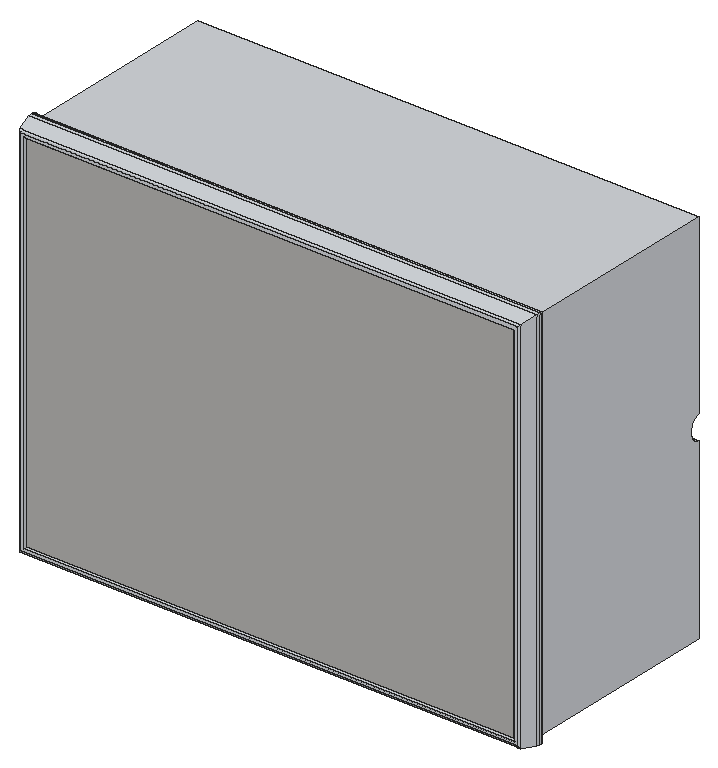
Revit family "BS-678AB-EB", category Communication Devices, Revit 2022
Family settings
  Round Connector Dimension = Use Diameter
  Part Type = Normal
  Work Plane-Based = Yes
  Always vertical = No
  Cut with Voids When Loaded = No
  Maintain Annotation Orientation = No
  Shared = No
  Room Calculation Point = No
Parameters (values of type "BS-678AB-EB")
  Weight [Kg] (for Schedules/Quantities) = 2.3
  Weight = "2.3 kg (5.07 lb)"
  Ver = "1.0"
  Update info = "https://www.sound-toa.com/rfa_form.html"
  Uniformat = ""
  Uniclass = ""
  URL = ""
  Speaker Mounting Method = "Wall-mount"
  Speaker Component = "2x 10 cm (4\") double cone-type"
  Sound Pressure 4k [instance] = no
  Sound Pressure 1K [instance] = no
  Sensitivity EN54-24 Max. Sensitivity EN54-24 = "80 dB (2x 0.5 W, 4 m) (100 Hz - 10 kHz, pink noise)\r\n90 dB (2x 6 W, 4 m) (100 Hz - 10 kHz, pink noise)"
  Sensitivity (SPL) Max. SPL = "92 dB (2x 0.5 W, 1 m) (100 Hz - 10 kHz, pink noise)\r\n102 dB (2x 6 W, 1 m) (100 Hz - 10 kHz, pink noise)"
  Selected Impedance Tap (W) [instance] = 30
  Rated Input = "2 x 6 W (100 V line)"
  Rated Impedance = "100 V line: 1.7 kΩ (6 W), 3.3 kΩ (3 W), 6.7 kΩ (1.5 W)"
  Product Info = ""
  Operating Temperature = "-10 °C to +55 °C (14 °F to 122 °F)"
  OmniClass = ""
  Model = "BS-678AB-EB"
  Masterformat = ""
  Manufacturer = "TOA"
  Frequency Response = "155 Hz - 20 kHz (Peak -20 dB )"
  Finish = "Baffle: HIPS resin, white (RAL 9010 or equivalent color)\r\nCabinet: Particle board with pvc sheet, white (RAL 9010 or equivalent color)\r\nGrille: Surface-treated steel plate net, white (RAL 9010 or equivalent color), paint"
  Environmental Type = "A (indoor applications)"
  Dimension = "190 (W) x 250 (H) x 110 (D) mm (7.48\" x 9.84\" x 4.33\")"
  Desired SPL (dBspl) [instance] = 90
  Default Elevation = 1200 mm
  Coverage Angle = "Horizontal: 225° (500 Hz), 125° (1 kHz), 60° (2 kHz), 35° (4 kHz)\r\nVertical  : 240° (500 Hz), 200° (1 kHz), 125° (2 kHz), 110° (4 kHz)"
  Connection = "2x 3-pins screw steatite terminal"
  Attenuation (dB) [instance] = 0
  Applicable Cable Size = "Outer diameter : Max. Ø10 mm (for exposed wiring)\r\n                Ø6.5 - Ø12.5 mm (for in-wall wiring)\r\nConductor : Solid wire or 7-core wire\r\nNo bridge connection : 0.8 - 10 mm  (AWG18 - AWG7) for solid wire\r\n                      0.8 - 8 mm  (AWG18 - AWG8) for 7-core wire\r\nBridge connection : 0.8 - 2.5 mm  (AWG18 - AWG13) for solid wire\r\n                      0.8 - 1.5 mm  (AWG18 - AWG15) for 7-core wire"
  Accessory = "Speaker mounting screw x2, Baffle fixing screw x2"
Reference planes
  plane 1 "Center (Front/Back)": y = 0
  plane 2: z = 0
  plane 3 "Center (Left/Right)": x = 0
Forms (mm)
  Extrusion 1, solid
    sketch origin (0, -49.75, 0) x (1, 0, 0) y (0, 1, 0)
      loop
        line (-123, 49.75) -> (-123, -49.75) -> (123, -49.75) -> (123, 49.75) -> (-123, 49.75)
    from 2 to 188
  Sweep 2, solid
    path in 3D
      loop
        line (123, -99.5, 2) -> (-123, -99.5, 2) -> (-123, -99.5, 188) -> (123, -99.5, 188) -> (123, -99.5, 2)
    profile origin (123, -99.5, 95) x (1, 0, 0) y (0, 1, 0)
      loop
        line (-2.284, 1) -> (-2.284, -10.5) -> (-0.784, -10.5)
        arc (-0.784, -10.5) -> (-0.215, -10.322) -> (0.152, -9.852) r 1
        line (0.152, -9.852) -> (1.94, -2.224) -> (2, -0.5) -> (1.991, 0.504)
        arc (1.991, 0.504) -> (1.843, 0.855) -> (1.491, 1) r 0.5
        line (1.491, 1) -> (-2.284, 1)
  Extrusion 3, solid, material "White Mesh"
    sketch origin (0, -104.352, 0) x (1, 0, 0) y (0, 0, 1)
      loop
        line (-119.75, 184.75) -> (-119.75, 5.25) -> (119.75, 5.25) -> (119.75, 184.75) -> (-119.75, 184.75)
    from 0 to 5
  Extrusion 4, void
    sketch origin (0, -49.75, 0) x (0, 1, 0) y (0, 0, 1)
      loop
        arc (49.75, 100.916) -> (44.75, 95) -> (49.75, 89.084) r 6
        line (49.75, 89.084) -> (49.75, 100.916)
    from -123 to 123
Cuts and joins
  Extrusion 4 cuts Extrusion 1
Lines and regions (mm)
  sketch lines
    curve 1: line (123, -99.5, 188) -> (123, -99.5, 2)
    curve 2: line (-123, -99.5, 188) -> (123, -99.5, 188)
    curve 3: line (-123, -99.5, 188) -> (-123, -99.5, 2)
    curve 4: line (123, -99.5, 2) -> (-123, -99.5, 2)
Dimensions and locks
  Extrusion 1 to Sweep 2 = 98.5 mm
  locked: Extrusion 3 to Extrusion 3 at 5
  aligned and locked: plane 2 to level
  aligned and locked: cut or joined group of Extrusion 1, Extrusion 4 to cut or joined group of Extrusion 1, Extrusion 4  (x2)
Nested families
  nested 1: "BS-678AB-EB-Radiation-4k" at (0, -109.352, 95.01) x (1, 0, 0) z (0, -1, 0), visible <- "Sound Pressure 4k", J <- "Attenuation (dB)", W <- "Selected Impedance Tap (W)", P <- "Desired SPL (dBspl)", type "BS-678AB-EB-Radiation-4k"
  nested 2: "TOA_Symbol_01" at (0, -75, 0) x (-1, 0, 0) z (0, 0, 1), type "TOA_Symbol_01"
  nested 3: "BS-678AB-EB-Radiation-1k" at (0, -109.352, 95.01) x (1, 0, 0) z (0, -1, 0), W <- "Selected Impedance Tap (W)", J <- "Attenuation (dB)", P <- "Desired SPL (dBspl)", visible <- "Sound Pressure 1K", type "BS-678AB-EB-Radiation-1k"
    with W 30, P 90, J 0
Definition of nested family "BS-678AB-EB-Radiation-4k"
  Parameters (values of type "BS-678AB-EB-Radiation-4k")
    W [instance] = 30
    P [instance] = 90
    J [instance] = 0
    Default Elevation = 0 mm
  Reference planes
    plane 1 "Center (Front/Back)": y = 0
    plane 2: z = 0
    plane 3 "Center (Left/Right)": x = 0
  Forms (mm)
    Extrusion 1, solid
      sketch origin (0, 0, 0) x (1, 0, 0) y (0, 1, 0)
        loop
          line (-1219.2, 1219.2) -> (-1219.2, -1219.2) -> (1219.2, -1219.2) -> (1219.2, 1219.2) -> (-1219.2, 1219.2)
      from 0 to -304.8
  Lines and regions (mm)
    reference lines
      curve 1: line (562.917, 325, 0) -> (-562.917, -325, 0)
      curve 2: line (325, 562.917, 0) -> (-325, -562.917, 0)
      curve 3: line (0, 650, 0) -> (0, -650, 0)
  Dimensions and locks
    angle plane 1 "Center (Front/Back)" to curve 1 = 30.00°
    angle plane 1 "Center (Front/Back)" to curve 2 = 60.00°
    aligned and locked: plane 2 to Extrusion 1
    aligned and locked: level to Extrusion 1
  Nested families
    nested 1: "BS-678AB-EB-TOA_30-4k" at (0, 0, 0) x (0.866, 0.5, 0) z (0, 0, 1), W <- "W", P <- "P", J <- "J", type "BS-678AB-EB-TOA_30-4k"
      with W 30, S70 81 mm, S55 84.5 mm, S40 85.9 mm, S10 88.3 mm, S05 91.4 mm, P 90, J 0, F00S70 1092.85 mm, F00S55 1635.161 mm, F00S40 1921.147 mm, F00S10 2532.565 mm, F00S05 3618.767 mm
    nested 2: "BS-678AB-EB-TOA_00-4k" at (0, 0, 0), W <- "W", P <- "P", J <- "J", type "BS-678AB-EB-TOA_00-4k"
      with W 30, S70 79.7 mm, S55 83.5 mm, S40 86.3 mm, S10 86.6 mm, S05 90.7 mm, S00 93.3 mm, P 90, J 0, F00S70 940.937 mm, F00S55 1457.339 mm, F00S40 2011.688 mm, F00S10 2082.383 mm, F00S05 3338.571 mm, F00S00 4503.608 mm
    nested 3: "BS-678AB-EB-TOA_90-4k" at (0, 0, 0) x (0, 1, 0) z (0, 0, 1), W <- "W", P <- "P", J <- "J", type "BS-678AB-EB-TOA_90-4k"
      with W 30, S70 83.9 mm, S55 87 mm, S40 90 mm, S30 91.1 mm, S20 92 mm, S10 93.2 mm, P 90, J 0, F00S70 1526.021 mm, F00S55 2180.523 mm, F00S40 3080.07 mm, F00S30 3495.913 mm, F00S20 3877.579 mm, F00S10 4452.056 mm
    nested 4: "BS-678AB-EB-TOA_60-4k" at (0, 0, 0) x (0.5, 0.866, 0) z (0, 0, 1), W <- "W", P <- "P", J <- "J", type "BS-678AB-EB-TOA_60-4k"
      with W 30, S70 77.1 mm, S30 84.9 mm, S20 88.3 mm, S10 91.4 mm, S05 92.7 mm, P 90, J 0, F00S70 697.526 mm, F00S30 1712.224 mm, F00S20 2532.565 mm, F00S10 3618.767 mm, F00S05 4203.012 mm
    nested 5: "BS-678AB-EB-TOA_30-4k" at (0, 0, 0) x (-0.866, 0.5, 0) z (0, 0, 1), W <- "W", P <- "P", J <- "J", type "BS-678AB-EB-TOA_30-4k"
      with W 30, S70 81 mm, S55 84.5 mm, S40 85.9 mm, S10 88.3 mm, S05 91.4 mm, P 90, J 0, F00S70 1092.85 mm, F00S55 1635.161 mm, F00S40 1921.147 mm, F00S10 2532.565 mm, F00S05 3618.767 mm
    nested 6: "BS-678AB-EB-TOA_60-4k" at (0, 0, 0) x (-0.5, 0.866, 0) z (0, 0, 1), W <- "W", P <- "P", J <- "J", type "BS-678AB-EB-TOA_60-4k"
      with W 30, S70 77.1 mm, S30 84.9 mm, S20 88.3 mm, S10 91.4 mm, S05 92.7 mm, P 90, J 0, F00S70 697.526 mm, F00S30 1712.224 mm, F00S20 2532.565 mm, F00S10 3618.767 mm, F00S05 4203.012 mm
    nested 7: "BS-678AB-EB-TOA_00-4k" at (0, 0, 0) x (-1, 0, 0) z (0, 0, 1), W <- "W", P <- "P", J <- "J", type "BS-678AB-EB-TOA_00-4k"
      with W 30, S70 79.7 mm, S55 83.5 mm, S40 86.3 mm, S10 86.6 mm, S05 90.7 mm, S00 93.3 mm, P 90, J 0, F00S70 940.937 mm, F00S55 1457.339 mm, F00S40 2011.688 mm, F00S10 2082.383 mm, F00S05 3338.571 mm, F00S00 4503.608 mm
    nested 8: "BS-678AB-EB-TOA_30-4k" at (0, 0, 0) x (0.866, -0.5, 0) z (0, 0, 1), W <- "W", P <- "P", J <- "J", type "BS-678AB-EB-TOA_30-4k"
      with W 30, S70 81 mm, S55 84.5 mm, S40 85.9 mm, S10 88.3 mm, S05 91.4 mm, P 90, J 0, F00S70 1092.85 mm, F00S55 1635.161 mm, F00S40 1921.147 mm, F00S10 2532.565 mm, F00S05 3618.767 mm
    nested 9: "BS-678AB-EB-TOA_90-4k" at (0, 0, 0) x (0, -1, 0) z (0, 0, 1), W <- "W", P <- "P", J <- "J", type "BS-678AB-EB-TOA_90-4k"
      with W 30, S70 83.9 mm, S55 87 mm, S40 90 mm, S30 91.1 mm, S20 92 mm, S10 93.2 mm, P 90, J 0, F00S70 1526.021 mm, F00S55 2180.523 mm, F00S40 3080.07 mm, F00S30 3495.913 mm, F00S20 3877.579 mm, F00S10 4452.056 mm
    nested 10: "BS-678AB-EB-TOA_60-4k" at (0, 0, 0) x (0.5, -0.866, 0) z (0, 0, 1), W <- "W", P <- "P", J <- "J", type "BS-678AB-EB-TOA_60-4k"
      with W 30, S70 77.1 mm, S30 84.9 mm, S20 88.3 mm, S10 91.4 mm, S05 92.7 mm, P 90, J 0, F00S70 697.526 mm, F00S30 1712.224 mm, F00S20 2532.565 mm, F00S10 3618.767 mm, F00S05 4203.012 mm
    nested 11: "BS-678AB-EB-TOA_30-4k" at (0, 0, 0) x (-0.866, -0.5, 0) z (0, 0, 1), W <- "W", P <- "P", J <- "J", type "BS-678AB-EB-TOA_30-4k"
      with W 30, S70 81 mm, S55 84.5 mm, S40 85.9 mm, S10 88.3 mm, S05 91.4 mm, P 90, J 0, F00S70 1092.85 mm, F00S55 1635.161 mm, F00S40 1921.147 mm, F00S10 2532.565 mm, F00S05 3618.767 mm
    nested 12: "BS-678AB-EB-TOA_60-4k" at (0, 0, 0) x (-0.5, -0.866, 0) z (0, 0, 1), W <- "W", P <- "P", J <- "J", type "BS-678AB-EB-TOA_60-4k"
      with W 30, S70 77.1 mm, S30 84.9 mm, S20 88.3 mm, S10 91.4 mm, S05 92.7 mm, P 90, J 0, F00S70 697.526 mm, F00S30 1712.224 mm, F00S20 2532.565 mm, F00S10 3618.767 mm, F00S05 4203.012 mm
  Definition of nested family "BS-678AB-EB-TOA_30-4k"
    Parameters (values of type "BS-678AB-EB-TOA_30-4k")
      W [instance] = 12
      S10 [instance] = 88.3 mm
      S05 [instance] = 91.4 mm
      S70 [instance] = 81 mm
      S55 [instance] = 84.5 mm
      S40 [instance] = 85.9 mm
      P [instance] = 90
      J [instance] = 0
      F00S70 [instance] = 10 ^ (((S70 / 1 mm) + J + 10 * log(W) - (P + 5)) / 20) * 1000 mm  # 691.179 mm
      F00S55 [instance] = 10 ^ (((S55 / 1 mm) + J + 10 * log(W) - (P + 5)) / 20) * 1000 mm  # 1034.167 mm
      F00S40 [instance] = 10 ^ (((S40 / 1 mm) + J + 10 * log(W) - (P + 5)) / 20) * 1000 mm  # 1215.04 mm
      F00S10 [instance] = 10 ^ (((S10 / 1 mm) + J + 10 * log(W) - (P + 5)) / 20) * 1000 mm  # 1601.735 mm
      F00S05 [instance] = 10 ^ (((S05 / 1 mm) + J + 10 * log(W) - (P + 5)) / 20) * 1000 mm  # 2288.709 mm
      Default Elevation = 0 mm
    Reference planes
      plane 1 "Center (Front/Back)": y = 0
      plane 2: z = 0
      plane 3 "Center (Left/Right)": x = 0
    Forms (mm)
      Extrusion 1, solid
        sketch origin (0, 0, 0) x (1, 0, 0) y (0, 1, 0)
          loop
            line (-1219.2, 1219.2) -> (-1219.2, -1219.2) -> (1219.2, -1219.2) -> (1219.2, 1219.2) -> (-1219.2, 1219.2)
        from 0 to -304.8
    Lines and regions (mm)
      model lines
        curve 1: line (0, 0, 0) -> (-847.14, 0, 593.174)
        curve 2: line (0, 0, 0) -> (-649.496, 0, 236.397)
        curve 3: line (0, 0, 0) -> (-781.013, 0, 930.775)
        curve 4: line (0, 0, 0) -> (-278.138, 0, 1577.401)
        curve 5: line (0, 0, 0) -> (-199.474, 0, 2280)
      model lines, not visible
        curve 6: line (0, 0, 0) -> (0, 0, 2914.678)
    Dimensions and locks
      "F00S40": curve 6 to curve 3
      "F00S55": curve 1 to curve 6
      "F00S70": curve 2 to curve 6
      "F00S10": curve 4 to curve 6
      "F00S05": curve 5 to curve 6
      curve 6 to curve 6 = 2914.678 mm
      angle plane 3 "Center (Left/Right)" to curve 1 = 55.00°
      angle plane 3 "Center (Left/Right)" to curve 2 = 70.00°
      angle plane 3 "Center (Left/Right)" to curve 3 = 40.00°
      angle plane 3 "Center (Left/Right)" to curve 4 = 10.00°
      angle plane 3 "Center (Left/Right)" to curve 5 = 5.00°
      angle curve 6 to curve 2 = 70.00°
      angle curve 6 to curve 1 = 55.00°
      aligned and locked: plane 2 to Extrusion 1
      aligned and locked: level to Extrusion 1
    Automatic sketch dimensions
      Extrusion 1 sketch curve to Extrusion 1 sketch curve = 2438.4 mm  (x2)
      curve 4 to level = 0 mm
      curve 4 to plane 3 "Center (Left/Right)" = 0 mm
  Definition of nested family "BS-678AB-EB-TOA_00-4k"
    Parameters (values of type "BS-678AB-EB-TOA_00-4k")
      W [instance] = 12
      S10 [instance] = 86.6 mm
      S05 [instance] = 90.7 mm
      S70 [instance] = 79.7 mm
      S55 [instance] = 83.5 mm
      S40 [instance] = 86.3 mm
      S00 [instance] = 93.5 mm
      P [instance] = 90
      J [instance] = 0
      F00S70 [instance] = 10 ^ (((S70 / 1 mm) + J + 10 * log(W) - (P + 5)) / 20) * 1000 mm  # 595.101 mm
      F00S55 [instance] = 10 ^ (((S55 / 1 mm) + J + 10 * log(W) - (P + 5)) / 20) * 1000 mm  # 921.702 mm
      F00S40 [instance] = 10 ^ (((S40 / 1 mm) + J + 10 * log(W) - (P + 5)) / 20) * 1000 mm  # 1272.303 mm
      F00S10 [instance] = 10 ^ (((S10 / 1 mm) + J + 10 * log(W) - (P + 5)) / 20) * 1000 mm  # 1317.015 mm
      F00S05 [instance] = 10 ^ (((S05 / 1 mm) + J + 10 * log(W) - (P + 5)) / 20) * 1000 mm  # 2111.498 mm
      F00S00 [instance] = 10 ^ (((S00 / 1 mm) + J + 10 * log(W) - (P + 5)) / 20) * 1000 mm  # 2914.678 mm
      Default Elevation = 0 mm
    Reference planes
      plane 1 "Center (Front/Back)": y = 0
      plane 2: z = 0
      plane 3 "Center (Left/Right)": x = 0
    Forms (mm)
      Extrusion 1, solid
        sketch origin (0, 0, 0) x (1, 0, 0) y (0, 1, 0)
          loop
            line (-1219.2, 1219.2) -> (-1219.2, -1219.2) -> (1219.2, -1219.2) -> (1219.2, 1219.2) -> (-1219.2, 1219.2)
        from 0 to -304.8
    Lines and regions (mm)
      model lines
        curve 1: line (0, 0, 0) -> (-755.014, 0, 528.667)
        curve 2: line (0, 0, 0) -> (-559.212, 0, 203.537)
        curve 3: line (0, 0, 0) -> (-817.821, 0, 974.641)
        curve 4: line (0, 0, 0) -> (-228.697, 0, 1297.006)
        curve 5: line (0, 0, 0) -> (-184.029, 0, 2103.463)
        curve 6: line (0, 0, 0) -> (0, 0, 2914.678)
    Dimensions and locks
      "F00S40": curve 6 to curve 3
      "F00S55": curve 1 to curve 6
      "F00S70": curve 2 to curve 6
      "F00S10": curve 4 to curve 6
      "F00S05": curve 5 to curve 6
      "F00S00": curve 6 to curve 6
      angle plane 3 "Center (Left/Right)" to curve 1 = 55.00°
      angle plane 3 "Center (Left/Right)" to curve 2 = 70.00°
      angle plane 3 "Center (Left/Right)" to curve 3 = 40.00°
      angle plane 3 "Center (Left/Right)" to curve 4 = 10.00°
      angle plane 3 "Center (Left/Right)" to curve 5 = 5.00°
      angle curve 6 to curve 2 = 70.00°
      angle curve 6 to curve 1 = 55.00°
      aligned and locked: plane 2 to Extrusion 1
      aligned and locked: level to Extrusion 1
    Automatic sketch dimensions
      Extrusion 1 sketch curve to Extrusion 1 sketch curve = 2438.4 mm  (x2)
      curve 4 to level = 0 mm
      curve 4 to plane 3 "Center (Left/Right)" = 0 mm
  Definition of nested family "BS-678AB-EB-TOA_90-4k"
    Parameters (values of type "BS-678AB-EB-TOA_90-4k")
      W [instance] = 12
      S30 [instance] = 91.1 mm
      S20 [instance] = 92 mm
      S10 [instance] = 93.2 mm
      S70 [instance] = 83.9 mm
      S55 [instance] = 87 mm
      S40 [instance] = 90 mm
      P [instance] = 90
      J [instance] = 0
      F00S70 [instance] = 10 ^ (((S70 / 1 mm) + J + 10 * log(W) - (P + 5)) / 20) * 1000 mm  # 965.141 mm
      F00S55 [instance] = 10 ^ (((S55 / 1 mm) + J + 10 * log(W) - (P + 5)) / 20) * 1000 mm  # 1379.084 mm
      F00S40 [instance] = 10 ^ (((S40 / 1 mm) + J + 10 * log(W) - (P + 5)) / 20) * 1000 mm  # 1948.007 mm
      F00S30 [instance] = 10 ^ (((S30 / 1 mm) + J + 10 * log(W) - (P + 5)) / 20) * 1000 mm  # 2211.01 mm
      F00S20 [instance] = 10 ^ (((S20 / 1 mm) + J + 10 * log(W) - (P + 5)) / 20) * 1000 mm  # 2452.396 mm
      F00S10 [instance] = 10 ^ (((S10 / 1 mm) + J + 10 * log(W) - (P + 5)) / 20) * 1000 mm  # 2815.728 mm
      Default Elevation = 0 mm
    Reference planes
      plane 1 "Center (Front/Back)": y = 0
      plane 2: z = 0
      plane 3 "Center (Left/Right)": x = 0
    Forms (mm)
      Extrusion 1, solid
        sketch origin (0, 0, 0) x (1, 0, 0) y (0, 1, 0)
          loop
            line (-1219.2, 1219.2) -> (-1219.2, -1219.2) -> (1219.2, -1219.2) -> (1219.2, 1219.2) -> (-1219.2, 1219.2)
        from 0 to -304.8
    Lines and regions (mm)
      model lines
        curve 1: line (0, 0, 0) -> (-1129.679, 0, 791.01)
        curve 2: line (0, 0, 0) -> (-906.936, 0, 330.098)
        curve 3: line (0, 0, 0) -> (-1252.155, 0, 1492.26)
        curve 4: line (0, 0, 0) -> (-488.946, 0, 2772.95)
        curve 5: line (0, 0, 0) -> (-838.769, 0, 2304.499)
        curve 7: line (0, 0, 0) -> (-1105.505, 0, 1914.79)
      model lines, not visible
        curve 6: line (0, 0, 0) -> (0, 0, 2914.678)
    Dimensions and locks
      "F00S40": curve 6 to curve 3
      "F00S55": curve 1 to curve 6
      "F00S70": curve 2 to curve 6
      "F00S10": curve 4 to curve 6
      "F00S20": curve 5 to curve 6
      curve 6 to curve 6 = 2914.678 mm
      "F00S30": curve 7 to curve 7
      angle plane 3 "Center (Left/Right)" to curve 1 = 55.00°
      angle plane 3 "Center (Left/Right)" to curve 2 = 70.00°
      angle plane 3 "Center (Left/Right)" to curve 3 = 40.00°
      angle plane 3 "Center (Left/Right)" to curve 4 = 10.00°
      angle plane 3 "Center (Left/Right)" to curve 5 = 20.00°
      angle curve 6 to curve 2 = 70.00°
      angle curve 6 to curve 1 = 55.00°
      angle curve 6 to curve 7 = 30.00°
      aligned and locked: plane 2 to Extrusion 1
      aligned and locked: level to Extrusion 1
    Automatic sketch dimensions
      Extrusion 1 sketch curve to Extrusion 1 sketch curve = 2438.4 mm  (x2)
      curve 3 to level = 0 mm
      curve 3 to plane 3 "Center (Left/Right)" = 0 mm
  Definition of nested family "BS-678AB-EB-TOA_60-4k"
    Parameters (values of type "BS-678AB-EB-TOA_60-4k")
      W [instance] = 12
      S10 [instance] = 91.4 mm
      S05 [instance] = 92.7 mm
      S70 [instance] = 77.1 mm
      S30 [instance] = 84.9 mm
      S20 [instance] = 88.3 mm
      P [instance] = 90
      J [instance] = 0
      F00S70 [instance] = 10 ^ (((S70 / 1 mm) + J + 10 * log(W) - (P + 5)) / 20) * 1000 mm  # 441.154 mm
      F00S30 [instance] = 10 ^ (((S30 / 1 mm) + J + 10 * log(W) - (P + 5)) / 20) * 1000 mm  # 1082.906 mm
      F00S20 [instance] = 10 ^ (((S20 / 1 mm) + J + 10 * log(W) - (P + 5)) / 20) * 1000 mm  # 1601.735 mm
      F00S10 [instance] = 10 ^ (((S10 / 1 mm) + J + 10 * log(W) - (P + 5)) / 20) * 1000 mm  # 2288.709 mm
      F00S05 [instance] = 10 ^ (((S05 / 1 mm) + J + 10 * log(W) - (P + 5)) / 20) * 1000 mm  # 2658.218 mm
      Default Elevation = 0 mm
    Reference planes
      plane 1 "Center (Front/Back)": y = 0
      plane 2: z = 0
      plane 3 "Center (Left/Right)": x = 0
    Forms (mm)
      Extrusion 1, solid
        sketch origin (0, 0, 0) x (1, 0, 0) y (0, 1, 0)
          loop
            line (-1219.2, 1219.2) -> (-1219.2, -1219.2) -> (1219.2, -1219.2) -> (1219.2, 1219.2) -> (-1219.2, 1219.2)
        from 0 to -304.8
    Lines and regions (mm)
      model lines
        curve 1: line (0, 0, 0) -> (-541.453, 0, 937.824)
        curve 2: line (0, 0, 0) -> (-414.55, 0, 150.884)
        curve 3: line (0, 0, 0) -> (-547.826, 0, 1505.138)
        curve 4: line (0, 0, 0) -> (-397.43, 0, 2253.939)
        curve 5: line (0, 0, 0) -> (-231.679, 0, 2648.103)
      model lines, not visible
        curve 6: line (0, 0, 0) -> (0, 0, 2914.678)
    Dimensions and locks
      "F00S20": curve 6 to curve 3
      "F00S30": curve 1 to curve 6
      "F00S70": curve 2 to curve 6
      "F00S10": curve 4 to curve 6
      "F00S05": curve 5 to curve 6
      curve 6 to curve 6 = 2914.678 mm
      angle plane 3 "Center (Left/Right)" to curve 1 = 30.00°
      angle plane 3 "Center (Left/Right)" to curve 2 = 70.00°
      angle plane 3 "Center (Left/Right)" to curve 3 = 20.00°
      angle plane 3 "Center (Left/Right)" to curve 4 = 10.00°
      angle plane 3 "Center (Left/Right)" to curve 5 = 5.00°
      angle curve 6 to curve 2 = 70.00°
      angle curve 6 to curve 1 = 30.00°
      aligned and locked: plane 2 to Extrusion 1
      aligned and locked: level to Extrusion 1
    Automatic sketch dimensions
      Extrusion 1 sketch curve to Extrusion 1 sketch curve = 2438.4 mm  (x2)
      curve 4 to level = 0 mm
      curve 4 to plane 3 "Center (Left/Right)" = 0 mm
Definition of nested family "TOA_Symbol_01"
  Reference planes
    plane 1 "Center (Front/Back)": y = 0
    plane 2: z = 0
    plane 3 "Center (Left/Right)": x = 0
  Lines and regions (mm)
    Masking region 1, in view "Ref. Level"
      outline origin (0, 0, 0) x (1, 0, 0) y (0, 1, 0)
        loop
          line (-75, 75) -> (-75, -75) -> (75, -75) -> (75, 75) -> (-75, 75)
    detail lines, in view "Ref. Level"
      curve 1: line (0, -75, 0) -> (75, 75, 0)
      curve 2: line (75, 75, 0) -> (-75, 75, 0)
      curve 3: line (-75, 75, 0) -> (-75, -75, 0)
      curve 4: line (-75, -75, 0) -> (75, -75, 0)
      curve 5: line (75, -75, 0) -> (75, 75, 0)
      curve 6: line (0, -75, 0) -> (-75, 75, 0)
Definition of nested family "BS-678AB-EB-Radiation-1k"
  Parameters (values of type "BS-678AB-EB-Radiation-1k")
    W [instance] = 30
    P [instance] = 90
    J [instance] = 0
    Default Elevation = 0 mm
  Reference planes
    plane 1 "Center (Front/Back)": y = 0
    plane 2: z = 0
    plane 3 "Center (Left/Right)": x = 0
  Forms (mm)
    Extrusion 1, solid
      sketch origin (0, 0, 0) x (1, 0, 0) y (0, 1, 0)
        loop
          line (-1219.2, 1219.2) -> (-1219.2, -1219.2) -> (1219.2, -1219.2) -> (1219.2, 1219.2) -> (-1219.2, 1219.2)
      from 0 to -304.8
  Lines and regions (mm)
    reference lines
      curve 1: line (562.917, 325, 0) -> (-562.917, -325, 0)
      curve 2: line (325, 562.917, 0) -> (-325, -562.917, 0)
      curve 3: line (0, 650, 0) -> (0, -650, 0)
  Dimensions and locks
    angle plane 1 "Center (Front/Back)" to curve 1 = 30.00°
    angle plane 1 "Center (Front/Back)" to curve 2 = 60.00°
    aligned and locked: plane 2 to Extrusion 1
    aligned and locked: level to Extrusion 1
  Nested families
    nested 1: "BS-678AB-EB-TOA_30-1k" at (0, 0, 0) x (0.866, 0.5, 0) z (0, 0, 1), W <- "W", P <- "P", J <- "J", type "BS-678AB-EB-TOA_30-1k"
      with W 30, S90 83.8 mm, S70 86.4 mm, S55 88 mm, S40 89.9 mm, S30 91.5 mm, S20 93 mm, S10 94.3 mm, P 90, J 0, F00S90 1508.553 mm, F00S70 2034.982 mm, F00S55 2446.587 mm, F00S40 3044.813 mm, F00S30 3660.67 mm, F00S20 4350.715 mm, F00S10 5053.132 mm
    nested 2: "BS-678AB-EB-TOA_00-1k" at (0, 0, 0), W <- "W", P <- "P", J <- "J", type "BS-678AB-EB-TOA_00-1k"
      with W 30, S90 82.5 mm, S70 85.2 mm, S55 87 mm, S40 89.4 mm, S30 91.3 mm, S20 93.1 mm, S10 94.4 mm, S00 95.2 mm, P 90, J 0, F00S90 1298.855 mm, F00S70 1772.395 mm, F00S55 2180.523 mm, F00S40 2874.489 mm, F00S30 3577.343 mm, F00S20 4401.094 mm, F00S10 5111.644 mm, F00S00 5604.807 mm
    nested 3: "BS-678AB-EB-TOA_90-1k" at (0, 0, 0) x (0, 1, 0) z (0, 0, 1), W <- "W", P <- "P", J <- "J", type "BS-678AB-EB-TOA_90-1k"
      with W 30, S90 87.5 mm, S70 89.1 mm, S55 89.7 mm, S40 90.8 mm, S30 92.1 mm, S20 93.3 mm, S10 94.3 mm, P 90, J 0, F00S90 2309.727 mm, F00S70 2776.902 mm, F00S55 2975.505 mm, F00S40 3377.23 mm, F00S30 3922.479 mm, F00S20 4503.608 mm, F00S10 5053.132 mm
    nested 4: "BS-678AB-EB-TOA_60-1k" at (0, 0, 0) x (0.5, 0.866, 0) z (0, 0, 1), W <- "W", P <- "P", J <- "J", type "BS-678AB-EB-TOA_60-1k"
      with W 30, S90 86.2 mm, S70 88.2 mm, S55 89.3 mm, S40 90.6 mm, S30 91.9 mm, S20 93.2 mm, S10 94.3 mm, P 90, J 0, F00S90 1988.66 mm, F00S70 2503.575 mm, F00S55 2841.585 mm, F00S40 3300.355 mm, F00S30 3833.192 mm, F00S20 4452.056 mm, F00S10 5053.132 mm
    nested 5: "BS-678AB-EB-TOA_30-1k" at (0, 0, 0) x (-0.866, 0.5, 0) z (0, 0, 1), W <- "W", P <- "P", J <- "J", type "BS-678AB-EB-TOA_30-1k"
      with W 30, S90 83.8 mm, S70 86.4 mm, S55 88 mm, S40 89.9 mm, S30 91.5 mm, S20 93 mm, S10 94.3 mm, P 90, J 0, F00S90 1508.553 mm, F00S70 2034.982 mm, F00S55 2446.587 mm, F00S40 3044.813 mm, F00S30 3660.67 mm, F00S20 4350.715 mm, F00S10 5053.132 mm
    nested 6: "BS-678AB-EB-TOA_60-1k" at (0, 0, 0) x (-0.5, 0.866, 0) z (0, 0, 1), W <- "W", P <- "P", J <- "J", type "BS-678AB-EB-TOA_60-1k"
      with W 30, S90 86.2 mm, S70 88.2 mm, S55 89.3 mm, S40 90.6 mm, S30 91.9 mm, S20 93.2 mm, S10 94.3 mm, P 90, J 0, F00S90 1988.66 mm, F00S70 2503.575 mm, F00S55 2841.585 mm, F00S40 3300.355 mm, F00S30 3833.192 mm, F00S20 4452.056 mm, F00S10 5053.132 mm
    nested 7: "BS-678AB-EB-TOA_00-1k" at (0, 0, 0) x (-1, 0, 0) z (0, 0, 1), W <- "W", P <- "P", J <- "J", type "BS-678AB-EB-TOA_00-1k"
      with W 30, S90 82.5 mm, S70 85.2 mm, S55 87 mm, S40 89.4 mm, S30 91.3 mm, S20 93.1 mm, S10 94.4 mm, S00 95.2 mm, P 90, J 0, F00S90 1298.855 mm, F00S70 1772.395 mm, F00S55 2180.523 mm, F00S40 2874.489 mm, F00S30 3577.343 mm, F00S20 4401.094 mm, F00S10 5111.644 mm, F00S00 5604.807 mm
    nested 8: "BS-678AB-EB-TOA_30-1k" at (0, 0, 0) x (0.866, -0.5, 0) z (0, 0, 1), W <- "W", P <- "P", J <- "J", type "BS-678AB-EB-TOA_30-1k"
      with W 30, S90 83.8 mm, S70 86.4 mm, S55 88 mm, S40 89.9 mm, S30 91.5 mm, S20 93 mm, S10 94.3 mm, P 90, J 0, F00S90 1508.553 mm, F00S70 2034.982 mm, F00S55 2446.587 mm, F00S40 3044.813 mm, F00S30 3660.67 mm, F00S20 4350.715 mm, F00S10 5053.132 mm
    nested 9: "BS-678AB-EB-TOA_90-1k" at (0, 0, 0) x (0, -1, 0) z (0, 0, 1), W <- "W", P <- "P", J <- "J", type "BS-678AB-EB-TOA_90-1k"
      with W 30, S90 87.5 mm, S70 89.1 mm, S55 89.7 mm, S40 90.8 mm, S30 92.1 mm, S20 93.3 mm, S10 94.3 mm, P 90, J 0, F00S90 2309.727 mm, F00S70 2776.902 mm, F00S55 2975.505 mm, F00S40 3377.23 mm, F00S30 3922.479 mm, F00S20 4503.608 mm, F00S10 5053.132 mm
    nested 10: "BS-678AB-EB-TOA_60-1k" at (0, 0, 0) x (0.5, -0.866, 0) z (0, 0, 1), W <- "W", P <- "P", J <- "J", type "BS-678AB-EB-TOA_60-1k"
      with W 30, S90 86.2 mm, S70 88.2 mm, S55 89.3 mm, S40 90.6 mm, S30 91.9 mm, S20 93.2 mm, S10 94.3 mm, P 90, J 0, F00S90 1988.66 mm, F00S70 2503.575 mm, F00S55 2841.585 mm, F00S40 3300.355 mm, F00S30 3833.192 mm, F00S20 4452.056 mm, F00S10 5053.132 mm
    nested 11: "BS-678AB-EB-TOA_30-1k" at (0, 0, 0) x (-0.866, -0.5, 0) z (0, 0, 1), W <- "W", P <- "P", J <- "J", type "BS-678AB-EB-TOA_30-1k"
      with W 30, S90 83.8 mm, S70 86.4 mm, S55 88 mm, S40 89.9 mm, S30 91.5 mm, S20 93 mm, S10 94.3 mm, P 90, J 0, F00S90 1508.553 mm, F00S70 2034.982 mm, F00S55 2446.587 mm, F00S40 3044.813 mm, F00S30 3660.67 mm, F00S20 4350.715 mm, F00S10 5053.132 mm
    nested 12: "BS-678AB-EB-TOA_60-1k" at (0, 0, 0) x (-0.5, -0.866, 0) z (0, 0, 1), W <- "W", P <- "P", J <- "J", type "BS-678AB-EB-TOA_60-1k"
      with W 30, S90 86.2 mm, S70 88.2 mm, S55 89.3 mm, S40 90.6 mm, S30 91.9 mm, S20 93.2 mm, S10 94.3 mm, P 90, J 0, F00S90 1988.66 mm, F00S70 2503.575 mm, F00S55 2841.585 mm, F00S40 3300.355 mm, F00S30 3833.192 mm, F00S20 4452.056 mm, F00S10 5053.132 mm
  Definition of nested family "BS-678AB-EB-TOA_30-1k"
    Parameters (values of type "BS-678AB-EB-TOA_30-1k")
      W [instance] = 12
      S30 [instance] = 91.5 mm
      S20 [instance] = 93 mm
      S10 [instance] = 94.3 mm
      S90 [instance] = 83.8 mm
      S70 [instance] = 86.4 mm
      S55 [instance] = 88 mm
      S40 [instance] = 89.9 mm
      P [instance] = 90
      J [instance] = 0
      F00S90 [instance] = 10 ^ (((S90 / 1 mm) + J + 10 * log(W) - (P + 5)) / 20) * 1000 mm  # 954.093 mm
      F00S70 [instance] = 10 ^ (((S70 / 1 mm) + J + 10 * log(W) - (P + 5)) / 20) * 1000 mm  # 1287.036 mm
      F00S55 [instance] = 10 ^ (((S55 / 1 mm) + J + 10 * log(W) - (P + 5)) / 20) * 1000 mm  # 1547.357 mm
      F00S40 [instance] = 10 ^ (((S40 / 1 mm) + J + 10 * log(W) - (P + 5)) / 20) * 1000 mm  # 1925.709 mm
      F00S30 [instance] = 10 ^ (((S30 / 1 mm) + J + 10 * log(W) - (P + 5)) / 20) * 1000 mm  # 2315.211 mm
      F00S20 [instance] = 10 ^ (((S20 / 1 mm) + J + 10 * log(W) - (P + 5)) / 20) * 1000 mm  # 2751.634 mm
      F00S10 [instance] = 10 ^ (((S10 / 1 mm) + J + 10 * log(W) - (P + 5)) / 20) * 1000 mm  # 3195.881 mm
      Default Elevation = 0 mm
    Reference planes
      plane 1 "Center (Front/Back)": y = 0
      plane 2: z = 0
      plane 3 "Center (Left/Right)": x = 0
    Forms (mm)
      Extrusion 1, solid
        sketch origin (0, 0, 0) x (1, 0, 0) y (0, 1, 0)
          loop
            line (-1219.2, 1219.2) -> (-1219.2, -1219.2) -> (1219.2, -1219.2) -> (1219.2, 1219.2) -> (-1219.2, 1219.2)
        from 0 to -304.8
    Lines and regions (mm)
      model lines
        curve 1: line (0, 0, 0) -> (-1267.521, 0, 887.528)
        curve 2: line (0, 0, 0) -> (-1209.418, 0, 440.192)
        curve 3: line (0, 0, 0) -> (-954.093, 0, 0)
        curve 4: line (0, 0, 0) -> (-1237.822, 0, 1475.179)
        curve 5: line (0, 0, 0) -> (-941.114, 0, 2585.69)
        curve 6: line (0, 0, 0) -> (-554.959, 0, 3147.329)
        curve 7: line (0, 0, 0) -> (-1157.606, 0, 2005.032)
      model lines, not visible
        curve 8: line (0, 0, 0) -> (0, 0, 3544.791)
    Dimensions and locks
      "F00S40": curve 8 to curve 4
      "F00S55": curve 1 to curve 8
      "F00S70": curve 2 to curve 8
      "F00S90": curve 3 to curve 8
      "F00S30": curve 8 to curve 7
      "F00S20": curve 5 to curve 8
      "F00S10": curve 6 to curve 8
      curve 8 to curve 8 = 3544.791 mm
      angle plane 3 "Center (Left/Right)" to curve 1 = 55.00°
      angle plane 3 "Center (Left/Right)" to curve 2 = 70.00°
      angle plane 3 "Center (Left/Right)" to curve 3 = 90.00°
      angle plane 3 "Center (Left/Right)" to curve 4 = 40.00°
      angle plane 3 "Center (Left/Right)" to curve 5 = 20.00°
      angle plane 3 "Center (Left/Right)" to curve 6 = 10.00°
      angle plane 3 "Center (Left/Right)" to curve 7 = 30.00°
      angle curve 8 to curve 2 = 70.00°
      angle curve 8 to curve 1 = 55.00°
      aligned and locked: plane 2 to Extrusion 1
      aligned and locked: level to Extrusion 1
    Automatic sketch dimensions
      Extrusion 1 sketch curve to Extrusion 1 sketch curve = 2438.4 mm  (x2)
      curve 3 to level = 0 mm
      curve 5 to plane 3 "Center (Left/Right)" = 0 mm
  Definition of nested family "BS-678AB-EB-TOA_00-1k"
    Parameters (values of type "BS-678AB-EB-TOA_00-1k")
      W [instance] = 12
      S30 [instance] = 91.3 mm
      S20 [instance] = 93.1 mm
      S10 [instance] = 94.4 mm
      S90 [instance] = 82.5 mm
      S70 [instance] = 85.2 mm
      S55 [instance] = 87 mm
      S40 [instance] = 89.4 mm
      S00 [instance] = 95.2 mm
      P [instance] = 90
      J [instance] = 0
      F00S90 [instance] = 10 ^ (((S90 / 1 mm) + J + 10 * log(W) - (P + 5)) / 20) * 1000 mm  # 821.468 mm
      F00S70 [instance] = 10 ^ (((S70 / 1 mm) + J + 10 * log(W) - (P + 5)) / 20) * 1000 mm  # 1120.961 mm
      F00S55 [instance] = 10 ^ (((S55 / 1 mm) + J + 10 * log(W) - (P + 5)) / 20) * 1000 mm  # 1379.084 mm
      F00S40 [instance] = 10 ^ (((S40 / 1 mm) + J + 10 * log(W) - (P + 5)) / 20) * 1000 mm  # 1817.986 mm
      F00S30 [instance] = 10 ^ (((S30 / 1 mm) + J + 10 * log(W) - (P + 5)) / 20) * 1000 mm  # 2262.511 mm
      F00S20 [instance] = 10 ^ (((S20 / 1 mm) + J + 10 * log(W) - (P + 5)) / 20) * 1000 mm  # 2783.496 mm
      F00S10 [instance] = 10 ^ (((S10 / 1 mm) + J + 10 * log(W) - (P + 5)) / 20) * 1000 mm  # 3232.888 mm
      F00S00 [instance] = 10 ^ (((S00 / 1 mm) + J + 10 * log(W) - (P + 5)) / 20) * 1000 mm  # 3544.791 mm
      Default Elevation = 0 mm
    Reference planes
      plane 1 "Center (Front/Back)": y = 0
      plane 2: z = 0
      plane 3 "Center (Left/Right)": x = 0
    Forms (mm)
      Extrusion 1, solid
        sketch origin (0, 0, 0) x (1, 0, 0) y (0, 1, 0)
          loop
            line (-1219.2, 1219.2) -> (-1219.2, -1219.2) -> (1219.2, -1219.2) -> (1219.2, 1219.2) -> (-1219.2, 1219.2)
        from 0 to -304.8
    Lines and regions (mm)
      model lines
        curve 1: line (0, 0, 0) -> (-1129.679, 0, 791.01)
        curve 2: line (0, 0, 0) -> (-1053.359, 0, 383.391)
        curve 3: line (0, 0, 0) -> (-821.468, 0, 0)
        curve 4: line (0, 0, 0) -> (-1168.579, 0, 1392.658)
        curve 5: line (0, 0, 0) -> (-952.012, 0, 2615.631)
        curve 6: line (0, 0, 0) -> (-561.385, 0, 3183.773)
        curve 7: line (0, 0, 0) -> (-1131.255, 0, 1959.392)
        curve 8: line (0, 0, 0) -> (0, 0, 3544.791)
    Dimensions and locks
      "F00S40": curve 8 to curve 4
      "F00S55": curve 1 to curve 8
      "F00S70": curve 2 to curve 8
      "F00S90": curve 3 to curve 8
      "F00S30": curve 8 to curve 7
      "F00S20": curve 5 to curve 8
      "F00S10": curve 6 to curve 8
      "F00S00": curve 8 to curve 8
      angle plane 3 "Center (Left/Right)" to curve 1 = 55.00°
      angle plane 3 "Center (Left/Right)" to curve 2 = 70.00°
      angle plane 3 "Center (Left/Right)" to curve 3 = 90.00°
      angle plane 3 "Center (Left/Right)" to curve 4 = 40.00°
      angle plane 3 "Center (Left/Right)" to curve 5 = 20.00°
      angle plane 3 "Center (Left/Right)" to curve 6 = 10.00°
      angle plane 3 "Center (Left/Right)" to curve 7 = 30.00°
      angle curve 8 to curve 2 = 70.00°
      angle curve 8 to curve 1 = 55.00°
      aligned and locked: plane 2 to Extrusion 1
      aligned and locked: level to Extrusion 1
    Automatic sketch dimensions
      Extrusion 1 sketch curve to Extrusion 1 sketch curve = 2438.4 mm  (x2)
      curve 3 to level = 0 mm
      curve 5 to plane 3 "Center (Left/Right)" = 0 mm
  Definition of nested family "BS-678AB-EB-TOA_90-1k"
    Parameters (values of type "BS-678AB-EB-TOA_90-1k")
      W [instance] = 12
      S30 [instance] = 92.1 mm
      S20 [instance] = 93.3 mm
      S10 [instance] = 94.3 mm
      S90 [instance] = 87.5 mm
      S70 [instance] = 89.1 mm
      S55 [instance] = 89.7 mm
      S40 [instance] = 90.8 mm
      P [instance] = 90
      J [instance] = 0
      F00S90 [instance] = 10 ^ (((S90 / 1 mm) + J + 10 * log(W) - (P + 5)) / 20) * 1000 mm  # 1460.8 mm
      F00S70 [instance] = 10 ^ (((S70 / 1 mm) + J + 10 * log(W) - (P + 5)) / 20) * 1000 mm  # 1756.267 mm
      F00S55 [instance] = 10 ^ (((S55 / 1 mm) + J + 10 * log(W) - (P + 5)) / 20) * 1000 mm  # 1881.874 mm
      F00S40 [instance] = 10 ^ (((S40 / 1 mm) + J + 10 * log(W) - (P + 5)) / 20) * 1000 mm  # 2135.948 mm
      F00S30 [instance] = 10 ^ (((S30 / 1 mm) + J + 10 * log(W) - (P + 5)) / 20) * 1000 mm  # 2480.794 mm
      F00S20 [instance] = 10 ^ (((S20 / 1 mm) + J + 10 * log(W) - (P + 5)) / 20) * 1000 mm  # 2848.332 mm
      F00S10 [instance] = 10 ^ (((S10 / 1 mm) + J + 10 * log(W) - (P + 5)) / 20) * 1000 mm  # 3195.881 mm
      Default Elevation = 0 mm
    Reference planes
      plane 1 "Center (Front/Back)": y = 0
      plane 2: z = 0
      plane 3 "Center (Left/Right)": x = 0
    Forms (mm)
      Extrusion 1, solid
        sketch origin (0, 0, 0) x (1, 0, 0) y (0, 1, 0)
          loop
            line (-1219.2, 1219.2) -> (-1219.2, -1219.2) -> (1219.2, -1219.2) -> (1219.2, 1219.2) -> (-1219.2, 1219.2)
        from 0 to -304.8
    Lines and regions (mm)
      model lines
        curve 1: line (0, 0, 0) -> (-1541.541, 0, 1079.399)
        curve 2: line (0, 0, 0) -> (-1650.351, 0, 600.679)
        curve 3: line (0, 0, 0) -> (-1460.8, 0, 0)
        curve 4: line (0, 0, 0) -> (-1372.961, 0, 1636.231)
        curve 5: line (0, 0, 0) -> (-974.187, 0, 2676.557)
        curve 6: line (0, 0, 0) -> (-554.959, 0, 3147.329)
        curve 7: line (0, 0, 0) -> (-1240.397, 0, 2148.43)
      model lines, not visible
        curve 8: line (0, 0, 0) -> (0, 0, 3544.791)
    Dimensions and locks
      "F00S40": curve 8 to curve 4
      "F00S55": curve 1 to curve 8
      "F00S70": curve 2 to curve 8
      "F00S90": curve 3 to curve 8
      "F00S30": curve 8 to curve 7
      "F00S20": curve 5 to curve 8
      "F00S10": curve 6 to curve 8
      curve 8 to curve 8 = 3544.791 mm
      angle plane 3 "Center (Left/Right)" to curve 1 = 55.00°
      angle plane 3 "Center (Left/Right)" to curve 2 = 70.00°
      angle plane 3 "Center (Left/Right)" to curve 3 = 90.00°
      angle plane 3 "Center (Left/Right)" to curve 4 = 40.00°
      angle plane 3 "Center (Left/Right)" to curve 5 = 20.00°
      angle plane 3 "Center (Left/Right)" to curve 6 = 10.00°
      angle plane 3 "Center (Left/Right)" to curve 7 = 30.00°
      angle curve 8 to curve 2 = 70.00°
      angle curve 8 to curve 1 = 55.00°
      aligned and locked: plane 2 to Extrusion 1
      aligned and locked: level to Extrusion 1
    Automatic sketch dimensions
      Extrusion 1 sketch curve to Extrusion 1 sketch curve = 2438.4 mm  (x2)
      curve 3 to level = 0 mm
      curve 5 to plane 3 "Center (Left/Right)" = 0 mm
  Definition of nested family "BS-678AB-EB-TOA_60-1k"
    Parameters (values of type "BS-678AB-EB-TOA_60-1k")
      W [instance] = 12
      S30 [instance] = 91.9 mm
      S20 [instance] = 93.2 mm
      S10 [instance] = 94.3 mm
      S90 [instance] = 86.2 mm
      S70 [instance] = 88.2 mm
      S55 [instance] = 89.3 mm
      S40 [instance] = 90.6 mm
      P [instance] = 90
      J [instance] = 0
      F00S90 [instance] = 10 ^ (((S90 / 1 mm) + J + 10 * log(W) - (P + 5)) / 20) * 1000 mm  # 1257.739 mm
      F00S70 [instance] = 10 ^ (((S70 / 1 mm) + J + 10 * log(W) - (P + 5)) / 20) * 1000 mm  # 1583.4 mm
      F00S55 [instance] = 10 ^ (((S55 / 1 mm) + J + 10 * log(W) - (P + 5)) / 20) * 1000 mm  # 1797.176 mm
      F00S40 [instance] = 10 ^ (((S40 / 1 mm) + J + 10 * log(W) - (P + 5)) / 20) * 1000 mm  # 2087.328 mm
      F00S30 [instance] = 10 ^ (((S30 / 1 mm) + J + 10 * log(W) - (P + 5)) / 20) * 1000 mm  # 2424.324 mm
      F00S20 [instance] = 10 ^ (((S20 / 1 mm) + J + 10 * log(W) - (P + 5)) / 20) * 1000 mm  # 2815.728 mm
      F00S10 [instance] = 10 ^ (((S10 / 1 mm) + J + 10 * log(W) - (P + 5)) / 20) * 1000 mm  # 3195.881 mm
      Default Elevation = 0 mm
    Reference planes
      plane 1 "Center (Front/Back)": y = 0
      plane 2: z = 0
      plane 3 "Center (Left/Right)": x = 0
    Forms (mm)
      Extrusion 1, solid
        sketch origin (0, 0, 0) x (1, 0, 0) y (0, 1, 0)
          loop
            line (-1219.2, 1219.2) -> (-1219.2, -1219.2) -> (1219.2, -1219.2) -> (1219.2, 1219.2) -> (-1219.2, 1219.2)
        from 0 to -304.8
    Lines and regions (mm)
      model lines
        curve 1: line (0, 0, 0) -> (-1472.16, 0, 1030.818)
        curve 2: line (0, 0, 0) -> (-1487.909, 0, 541.555)
        curve 3: line (0, 0, 0) -> (-1257.739, 0, 0)
        curve 4: line (0, 0, 0) -> (-1341.708, 0, 1598.986)
        curve 5: line (0, 0, 0) -> (-963.036, 0, 2645.918)
        curve 6: line (0, 0, 0) -> (-554.959, 0, 3147.329)
        curve 7: line (0, 0, 0) -> (-1212.162, 0, 2099.526)
      model lines, not visible
        curve 8: line (0, 0, 0) -> (0, 0, 3544.791)
    Dimensions and locks
      "F00S40": curve 8 to curve 4
      "F00S55": curve 1 to curve 8
      "F00S70": curve 2 to curve 8
      "F00S90": curve 3 to curve 8
      "F00S30": curve 8 to curve 7
      "F00S20": curve 5 to curve 8
      "F00S10": curve 6 to curve 8
      curve 8 to curve 8 = 3544.791 mm
      angle plane 3 "Center (Left/Right)" to curve 1 = 55.00°
      angle plane 3 "Center (Left/Right)" to curve 2 = 70.00°
      angle plane 3 "Center (Left/Right)" to curve 3 = 90.00°
      angle plane 3 "Center (Left/Right)" to curve 4 = 40.00°
      angle plane 3 "Center (Left/Right)" to curve 5 = 20.00°
      angle plane 3 "Center (Left/Right)" to curve 6 = 10.00°
      angle plane 3 "Center (Left/Right)" to curve 7 = 30.00°
      angle curve 8 to curve 2 = 70.00°
      angle curve 8 to curve 1 = 55.00°
      aligned and locked: plane 2 to Extrusion 1
      aligned and locked: level to Extrusion 1
    Automatic sketch dimensions
      Extrusion 1 sketch curve to Extrusion 1 sketch curve = 2438.4 mm  (x2)
      curve 3 to level = 0 mm
      curve 5 to plane 3 "Center (Left/Right)" = 0 mm
